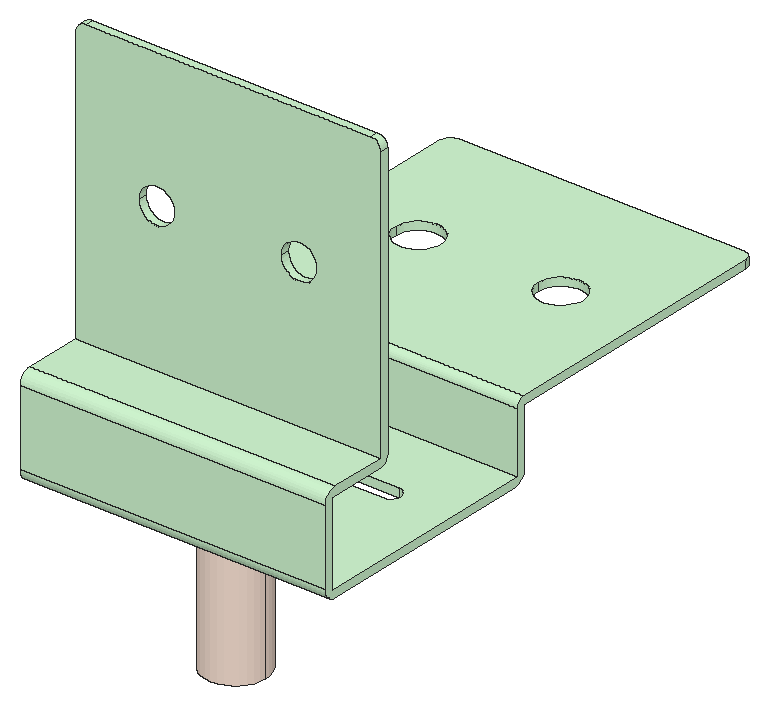
Revit family "partition-kanagu_ey4815_3", category 機械設備, Revit 2022
Family settings
  丸型コネクタ寸法 = 直径を使用
  種別 = なし
  パーツ タイプ = 標準
  作業面ベース = いいえ
  常に垂直 = はい
  ロード時にボイドで切り取り = いいえ
  注釈の向きを維持 = いいえ
  共有 = いいえ
  部屋計算ポイント = いいえ
Parameters
  製造元 = "株式会社桐井製作所"
  既定の高さ = 0 mm
  URL = "https://www.kirii.co.jp/"
  K_材質 = "溶融亜鉛めっき鋼板及び鋼帯 SGCC 一般用"
  K_品名 = "パーテーション金具eY4815用 Ⅲ"
  K_名称 = "パーテーション金具"
  K_入数 = "500"
  K_バージョン情報 = "20220411"
  K_めっき付着量 = "Z12"
  K_JIS規格 = "JIS G 3302"
Reference planes
  plane 1 "中心(正面/背面)": y = 0
  plane 2: z = 0
  plane 3 "中心(左/右)": x = 0
Forms (mm)
  Extrusion 1, solid
    sketch origin (0, 0, 0) x (0, 1, 0) y (0, 0, 1)
      loop
        line (0.1, 37.6) -> (-0.7, 37.6) -> (-0.7, 9.6) -> (-6.3, 9.6)
        arc (-6.3, 9.6) -> (-7.149, 9.249) -> (-7.5, 8.4) r 1.2
        line (-7.5, 8.4) -> (-7.5, 1)
        arc (-7.5, 1) -> (-7.149, 0.151) -> (-6.3, -0.2) r 1.2
        line (-6.3, -0.2) -> (15.7, -0.2)
        arc (15.7, -0.2) -> (16.549, 0.151) -> (16.9, 1) r 1.2
        line (16.9, 1) -> (16.9, 6.6) -> (45.1, 6.6) -> (45.1, 7.4) -> (16.9, 7.4)
        arc (16.9, 7.4) -> (16.334, 7.166) -> (16.1, 6.6) r 0.8
        line (16.1, 6.6) -> (16.1, 0.6) -> (-6.7, 0.6) -> (-6.7, 8.8) -> (-0.7, 8.8)
        arc (-0.7, 8.8) -> (-0.134, 9.034) -> (0.1, 9.6) r 0.8
        line (0.1, 9.6) -> (0.1, 37.6)
    from -15 to 15
  Extrusion 2, void
    sketch origin (0, 0, 0) x (1, 0, 0) y (0, 1, 0)
      loop
        arc (2.934, 9) -> (0, 11.1) -> (-2.934, 9) r 3.1
        line (-2.934, 9) -> (-9, 9)
        arc (-9, 9) -> (-10, 8) -> (-9, 7) r 1
        line (-9, 7) -> (-3.1, 7) -> (-3.1, 0.2)
        arc (-3.1, 0.2) -> (0, -2.9) -> (3.1, 0.2) r 3.1
        line (3.1, 0.2) -> (3.1, 7) -> (9, 7)
        arc (9, 7) -> (10, 8) -> (9, 9) r 1
        line (9, 9) -> (2.934, 9)
    from -0.2 to 0.6
  Extrusion 3, solid
    sketch origin (0, 0.202, 11.5) x (1, 0, 0) y (0, 1, 0)
      loop
        circle (-0.008, -0.024) r 5.9
    from -10.9 to -7.9
  Extrusion 4, solid
    sketch origin (0, 1.515, 11.5) x (1, 0, 0) y (0, 1, 0)
      loop
        circle (-0.008, -1.315) r 3
    from -25.9 to -10.9
  Revolve 5, solid
    sketch origin (0, -142.232, 40.83) x (0, 1, 0) y (0, 0, 1)
      loop
        line (142.434, -35.597) -> (142.434, -37.23) -> (145.434, -37.23)
        arc (145.434, -37.23) -> (144.828, -36.282) -> (143.934, -35.597) r 3.25
        line (143.934, -35.597) -> (142.434, -35.597)
      axis (142.434, -35.597) -> (142.434, -37.23)
    angle from 0 to 360
  Extrusion 6, void
    sketch origin (0, 0, 0) x (1, 0, 0) y (0, 0, 1)
      loop
        circle (-6.993, 24.1) r 1.743
      loop
        circle (7, 24.1) r 1.75
    from -0.1 to 0.7
  Extrusion 7, void
    sketch origin (0, 0, 0) x (1, 0, 0) y (0, 1, 0)
      loop
        line (-14, 45.1) -> (-15, 45.1) -> (-15, 44.1)
        arc (-15, 44.1) -> (-14.707, 44.807) -> (-14, 45.1) r 1
    from 6.6 to 7.4
  Extrusion 8, void
    sketch origin (0, 0, 0) x (-1, 0, 0) y (0, -1, 0)
      loop
        arc (-14, -45.1) -> (-14.707, -44.807) -> (-15, -44.1) r 1
        line (-15, -44.1) -> (-15, -45.1) -> (-14, -45.1)
    from 6.6 to 7.4
  Extrusion 9, void
    sketch origin (0, 0, 0) x (1, 0, 0) y (0, 1, 0)
      loop
        circle (-7, 31.4) r 2.25
      loop
        circle (7, 31.4) r 2.25
    from 6.6 to 7.4
  Extrusion 10, void
    sketch origin (0, 0, 0) x (1, 0, 0) y (0, 0, 1)
      loop
        line (-14, 37.6) -> (-15, 37.6) -> (-15, 36.6)
        arc (-15, 36.6) -> (-14.707, 37.307) -> (-14, 37.6) r 1
    from -0.1 to 0.7
  Extrusion 11, void
    sketch origin (0, 0, 0) x (-1, 0, 0) y (0, 0, -1)
      loop
        arc (-14, -37.6) -> (-14.707, -37.307) -> (-15, -36.6) r 1
        line (-15, -36.6) -> (-15, -37.6) -> (-14, -37.6)
    from -0.1 to 0.7
Cuts and joins
  Extrusion 2, Extrusion 6, Extrusion 7, Extrusion 8, Extrusion 9, Extrusion 10, Extrusion 11 cuts Extrusion 1
  joined: Extrusion 3, Extrusion 4, Revolve 5
Dimensions and locks
  aligned and locked: level to plane 2
